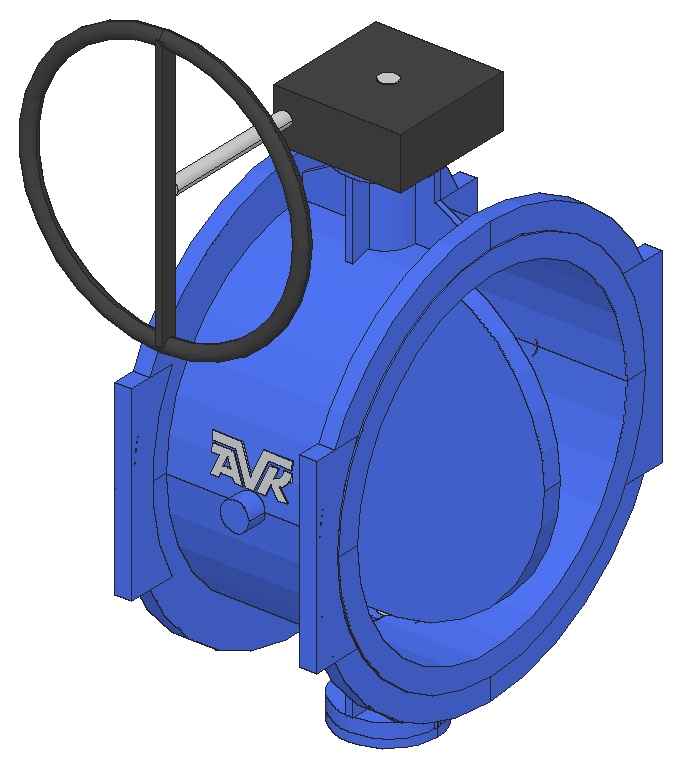
Revit family "756-100-672-DN700-2800", category Pipe Accessories, Revit 2019
Family settings
  Round Connector Dimension = Use Diameter
  Part Type = Valve - Breaks Into
  Work Plane-Based = No
  Always vertical = Yes
  Cut with Voids When Loaded = No
  Shared = No
Parameters (values of type "DN0700_PN10")
  W5 = size_lookup(Search_table, "W5", 0 mm, DN)  # 457 mm
  W4 = size_lookup(Search_table, "W4", 0 mm, DN)  # 543 mm
  W3 = size_lookup(Search_table, "W3", 0 mm, DN)  # 533 mm
  W2 = size_lookup(Search_table, "W2", 0 mm, DN)  # 641 mm
  W1 = size_lookup(Search_table, "W1", 0 mm, DN)  # 448 mm
  URL_product_pages = "https://www.avkvalves.com/P.aspx?no=756070010400009"
  Rib_width_2 = Gear_box_Mount_Flange_width * 2  # 204 mm
  Rib_width = L - (Flange_Thickness * 2)  # 350 mm
  Rib_height_2 = H1 - Flange_OD  # 84.5 mm
  Rib_depth = if(DN > 149 mm, 15 mm, if(DN > 299 mm, 15 mm, if(DN > 399 mm, 20 mm, 20 mm)))  # 15 mm
  Rib_height = Flange_OD / 1.1  # 406.818 mm
  Rf_Dia = size_lookup(Search_table, "RF_Dia", 0 mm, DN) / 2  # 397 mm
  RF_Cut_Thickness = 5 mm  # constant formula
  Pin_width = L / 2  # 215 mm
  Pin_dia = HW_rod_Dia * 2  # 60 mm
  Pin_Depth = (DN + size_lookup(Search_table, "Flange_OD", 0 mm, DN)) / 2  # 797.5 mm
  Offset = size_lookup(Search_table, "Offset", 0 mm, DN)  # 3 mm
  L2 = size_lookup(Search_table, "L2", 0 mm, DN)  # 133 mm
  L1 = size_lookup(Search_table, "L1", 0 mm, DN)  # 127 mm
  L = size_lookup(Search_table, "L", 0 mm, DN)  # 430 mm
  ID (Radius) = DN / 2  # 350 mm
  Hand_wheel_rod = size_lookup(Search_table, "Hand_wheel_rod", 0 mm, DN)  # 33 mm
  HW_rod_Dia = size_lookup(Search_table, "HW_rod_Dia", 0 mm, DN)  # 30 mm
  HW_height = W5 - (HW_rod_Dia / 2)  # 442 mm
  HW_Ref = size_lookup(Search_table, "HW_Ref", 0 mm, DN)  # 110 mm
  HW_Connecting_Rib_ref = (H1 + W2) / 2  # 586.5 mm
  HW_Connecting_Rib = D * 2  # 570 mm
  H2 = size_lookup(Search_table, "H2", 0 mm, DN)  # 550 mm
  H1 = size_lookup(Search_table, "H1", 0 mm, DN)  # 532 mm
  Gear_box_width = Gear_box_Mount_Flange_width * 1.3  # 132.6 mm
  Flange_Thickness = size_lookup(Search_table, "Flange_Thickness", 0 mm, DN)  # 40 mm
  Flange_OD = size_lookup(Search_table, "Flange_OD", 0 mm, DN) / 2  # 447.5 mm
  Disc_width = if(DN > 2499 mm, 100 mm, if(DN > 2299 mm, 90 mm, if(DN > 1999 mm, 80 mm, if(DN > 1599 mm, 70 mm, if(DN > 1399 mm, 60 mm, if(DN > 999 mm, 50 mm, if(DN > 699 mm, 40 mm, 40 mm)))))))  # 40 mm
  Disc_Dia = size_lookup(Search_table, "Disc_Dia", 0 mm, DN)  # 689 mm
  DN2800_PN10 = "756-2800-1-0400009"
  DN2800 = yes
  DN2600_PN16 = "756-2600-1-1400009"
  DN2600_PN10 = "756-2600-1-0400009"
  DN2600 = yes
  DN2400_PN16 = "756-2400-1-1400009"
  DN2400_PN10 = "756-2400-1-0400009"
  DN2400 = yes
  DN2200_PN16 = "756-2200-1-1400009"
  DN2200_PN10 = "756-2200-1-0400009"
  DN2200 = yes
  DN2000_PN16 = "756-2000-1-1400009"
  DN2000_PN10 = "756-2000-1-0400009"
  DN2000 = yes
  DN0700_PN16 = "756-0700-1-1400009"
  DN = 700 mm
  Search_table = "756-100-672-DN700-2800"
  Disk_2 = size_lookup(Search_table, "Disk_2", 0 mm, DN)  # 40 mm
  Disk_1 = size_lookup(Search_table, "Disk_1", 0 mm, DN)  # 40 mm
  Description_ = "AVK DOUBLE ECC. BUTTERFLY VALVE, LONG"
  DN1600_PN16 = "756-1600-1-1400009"
  DN1600_PN10 = "756-1600-1-0400009"
  DN1800 = yes
  DN1800_PN16 = "756-1800-1-1400009"
  DN1800_PN10 = "756-1800-1-0400009"
  DN1600 = yes
  DN1500_PN16 = "756-1500-1-1400009"
  DN1500_PN10 = "756-1500-1-0400009"
  DN1500 = yes
  DN1400_PN16 = "756-1400-1-1400009"
  DN1400_PN10 = "756-1400-1-0400009"
  DN1400 = yes
  DN1200_PN16 = "756-1200-1-1400009"
  DN1200_PN10 = "756-1200-1-0400009"
  DN1200 = yes
  DN1000_PN16 = "756-1000-1-1400009"
  DN1000_PN10 = "756-1000-1-0400009"
  DN1000 = yes
  DN0900_PN16 = "756-0900-1-1400009"
  DN0900_PN10 = "756-0900-1-0400009"
  DN900 = yes
  DN0800_PN16 = "756-0800-1-1400009"
  DN0800_PN10 = "756-0800-1-0400009"
  DN800 = yes
  DN0700_PN10 = "756-0700-1-0400009"
  DN700 = yes
  D = size_lookup(Search_table, "D", 0 mm, DN) / 2 - (HW_rod_Dia / 2)  # 285 mm
  C_rod = if(DN > 2499 mm, 99 mm, if(DN > 2299 mm, 89 mm, if(DN > 1999 mm, 79 mm, if(DN > 1599 mm, 69 mm, if(DN > 1399 mm, 59 mm, if(DN > 999 mm, 49 mm, if(DN > 699 mm, 39 mm, 39 mm)))))))  # 39 mm
  Bottom_width = size_lookup(Search_table, "Bottom_width", 0 mm, DN)  # 395 mm
  Bottom_Depth = DN * 1.5  # 1050 mm
  Gear_box_Mount_width = size_lookup(Search_table, "Gear_box_Mount_width", 0 mm, DN) * 2  # 62 mm
  Gear_box_Mount_Flange_width = size_lookup(Search_table, "Gear_box_Mount_Flange_width", 0 mm, DN) / 2  # 102 mm
  Gear_box_Mount_Flange_thickness = size_lookup(Search_table, "Gear_box_Mount_Flange_thickness", 0 mm, DN)  # 30 mm
  Body_wallthickness = 10 mm  # constant formula
Types (28, lengths in mm): name | W5 | W4 | W3 | W2 | W1 | Rib_width_2 | Rib_width | Rib_height_2 | Rib_height | Rf_Dia | Pin_width | Pin_Depth | L2 | L1 | L | ID (Radius) | Hand_wheel_rod | HW_height | HW_Ref | HW_Connecting_Rib_ref | HW_Connecting_Rib | H2 | H1 | Gear_box_width | Flange_Thickness | Flange_OD | Disc_width | Disc_Dia | DN | Disk_2 | Disk_1 | DN0900_PN16 | D | C_rod | Bottom_width | Bottom_Depth | Gear_box_Mount_width | Gear_box_Mount_Flange_width | Gear_box_Mount_Flange_thickness
  (no name) | 457 | 543 | 533 | 641 | 448 | 204 | 350 | 84.5 | 406.818 | 397 | 215 | 797.5 | 133 | 127 | 430 | 350 | 33 | 442 | 110 | 586.5 | 570 | 550 | 532 | 132.6 | 40 | 447.5 | 40 | 689 | 700 | 40 | 40 | "756-0900-1-1400009" | 285 | 39 | 395 | 1050 | 62 | 102 | 30
  DN0700_PN10 | 457 | 543 | 533 | 641 | 448 | 204 | 350 | 84.5 | 406.818 | 397 | 215 | 797.5 | 133 | 127 | 430 | 350 | 33 | 442 | 110 | 586.5 | 570 | 550 | 532 | 132.6 | 40 | 447.5 | 40 | 689 | 700 | 40 | 40 | "756-0900-1-1400009" | 285 | 39 | 395 | 1050 | 62 | 102 | 30
  DN0700_PN16 | 517 | 543 | 533 | 641 | 455 | 214 | 350 | 77 | 413.636 | 397 | 215 | 805.05 | 133 | 127 | 430 | 350.05 | 34.5 | 502 | 110 | 586.5 | 670 | 550 | 532 | 139.1 | 40 | 455 | 40 | 689 | 700.1 | 40 | 40 | "756-0900-1-1400009" | 335 | 39 | 427 | 1050.15 | 66 | 107 | 30
  DN0800_PN10 | 457 | 636 | 627 | 711 | 508 | 223 | 390 | 95.5 | 461.364 | 450 | 235 | 907.5 | 162 | 156 | 470 | 400 | 36 | 442 | 125 | 657 | 570 | 620 | 603 | 144.95 | 40 | 507.5 | 40 | 787.5 | 800 | 40 | 40 | "756-0900-1-1400009" | 285 | 39 | 460 | 1200 | 68 | 111.5 | 40
  DN0800_PN16 | 517 | 636 | 627 | 711 | 513 | 232 | 390 | 90.5 | 465.909 | 450 | 235 | 912.55 | 162 | 156 | 470 | 400.05 | 37.5 | 502 | 125 | 657 | 670 | 620 | 603 | 150.8 | 40 | 512.5 | 40 | 787.5 | 800.1 | 40 | 40 | "756-0900-1-1400009" | 335 | 39 | 492 | 1200.15 | 72 | 116 | 40
  DN0900_PN10 | 517 | 730 | 722 | 791 | 558 | 241 | 430 | 116.5 | 506.818 | 500 | 255 | 1007.5 | 192 | 186 | 510 | 450 | 39 | 502 | 128 | 732.5 | 670 | 690 | 674 | 156.65 | 40 | 557.5 | 40 | 887.5 | 900 | 40 | 40 | "756-0900-1-1400009" | 335 | 39 | 524 | 1350 | 74 | 120.5 | 40
  DN0900_PN16 | 570 | 730 | 722 | 791 | 563 | 250 | 430 | 111.5 | 511.364 | 500 | 255 | 1012.55 | 192 | 186 | 510 | 450.05 | 40.5 | 555 | 128 | 732.5 | 670 | 690 | 674 | 162.5 | 40 | 562.5 | 40 | 887.5 | 900.1 | 40 | 40 | "756-0900-1-1400009" | 335 | 39 | 556 | 1350.15 | 76 | 125 | 40
  DN1000_PN10 | 530 | 824 | 816 | 871 | 615 | 259 | 470 | 130 | 559.091 | 556 | 275 | 1115 | 222 | 216 | 550 | 500 | 42 | 515 | 130 | 808 | 670 | 770 | 745 | 168.35 | 40 | 615 | 50 | 987 | 1000 | 40 | 40 | "756-0900-1-1400009" | 335 | 49 | 588 | 1500 | 80 | 129.5 | 40
  DN1000_PN16 | 570 | 824 | 816 | 871 | 628 | 268 | 470 | 117.5 | 570.455 | 556 | 275 | 1127.55 | 222 | 216 | 550 | 500.05 | 43.5 | 555 | 130 | 808 | 570 | 770 | 745 | 174.2 | 40 | 627.5 | 50 | 987 | 1000.1 | 50 | 50 | "756-0900-1-1400009" | 285 | 49 | 620 | 1500.15 | 82 | 134 | 40
  DN1200_PN10 | 570 | 993 | 986 | 956 | 728 | 277 | 550 | 112.5 | 661.364 | 666 | 315 | 1327.5 | 275 | 269 | 630 | 600 | 45 | 555 | 128 | 898 | 570 | 855 | 840 | 180.05 | 40 | 727.5 | 50 | 1173.5 | 1200 | 50 | 50 | "756-0900-1-1400009" | 285 | 49 | 653 | 1800 | 84 | 138.5 | 40
  DN1200_PN16 | 590.5 | 993 | 986 | 956 | 743 | 286 | 530 | 97.5 | 675 | 666 | 315 | 1342.55 | 275 | 269 | 630 | 600.05 | 46.5 | 575.5 | 128 | 898 | 670 | 855 | 840 | 185.9 | 50 | 742.5 | 50 | 1173.5 | 1200.1 | 50 | 50 | "756-0900-1-1400009" | 335 | 49 | 685 | 1800.15 | 88 | 143 | 40
  DN1400_PN10 | 570 | 1189 | 1182 | 1071 | 838 | 295 | 610 | 82.5 | 761.364 | 763 | 355 | 1537.5 | 339 | 333 | 710 | 700 | 48 | 555 | 150 | 995.5 | 670 | 970 | 920 | 191.75 | 50 | 837.5 | 60 | 1381 | 1400 | 50 | 50 | "756-0800-1-1400009" | 335 | 59 | 717 | 2100 | 90 | 147.5 | 40
  DN1400_PN16 | 590.5 | 1189 | 1182 | 1119 | 843 | 304 | 610 | 77.5 | 765.909 | 763 | 355 | 1542.55 | 339 | 333 | 710 | 700.05 | 49.5 | 575.5 | 150 | 1019.5 | 670 | 970 | 920 | 197.6 | 50 | 842.5 | 60 | 1381 | 1400.1 | 50 | 50 | "756-0900-1-1400009" | 335 | 59 | 749 | 2100.15 | 94 | 152 | 40
  DN1500_PN10 | 570 | 1281 | 1274 | 1219 | 913 | 313 | 650 | 107.5 | 811.364 | 818 | 375 | 1642.5 | 369 | 363 | 750 | 750 | 51 | 555 | 175 | 1109.5 | 670 | 1070 | 1000 | 203.45 | 50 | 892.5 | 60 | 1481 | 1500 | 50 | 50 | "756-0900-1-1400009" | 335 | 59 | 781 | 2250 | 96 | 156.5 | 40
  DN1500_PN16 | 590.5 | 1281 | 1274 | 1219 | 913 | 323 | 650 | 90 | 827.273 | 818 | 375 | 1660.05 | 369 | 363 | 750 | 750.05 | 52.5 | 575.5 | 175 | 1109.5 | 670 | 1070 | 1000 | 209.95 | 50 | 910 | 60 | 1481 | 1500.1 | 50 | 50 | "756-0900-1-1400009" | 335 | 59 | 813 | 2250.15 | 98 | 161.5 | 50
  DN1600_PN16 | 630.5 | 1366 | 1359 | 1294 | 965 | 341 | 670 | 125 | 877.273 | 875 | 395 | 1765.05 | 396 | 390 | 790 | 800.05 | 55.5 | 615.5 | 181 | 1192 | 670 | 1145 | 1090 | 221.65 | 60 | 965 | 70 | 1575 | 1600.1 | 50 | 50 | "756-0900-1-1400009" | 335 | 69 | 878 | 2400.15 | 104 | 170.5 | 50
  DN1600_PN10 | 590.5 | 1366 | 1359 | 1294 | 958 | 332 | 690 | 132.5 | 870.455 | 875 | 395 | 1757.5 | 396 | 390 | 790 | 800 | 54 | 575.5 | 181 | 1192 | 670 | 1145 | 1090 | 215.8 | 50 | 957.5 | 70 | 1575 | 1600 | 50 | 50 | "756-0900-1-1400009" | 335 | 69 | 846 | 2400 | 102 | 166 | 50
  DN1800_PN16 | 734 | 1547 | 1540 | 1398 | 1065 | 359 | 750 | 115 | 968.182 | 973 | 435 | 1965.05 | 454 | 448 | 870 | 900.05 | 58.5 | 719 | 170 | 1289 | 570 | 1220 | 1180 | 233.35 | 60 | 1065 | 70 | 1771 | 1800.1 | 50 | 50 | "756-0900-1-1400009" | 285 | 69 | 942 | 2700.15 | 110 | 179.5 | 50
  DN1800_PN10 | 734 | 1547 | 1540 | 1369 | 1058 | 350 | 750 | 122.5 | 961.364 | 973 | 435 | 1957.5 | 454 | 448 | 870 | 900 | 57 | 719 | 170 | 1274.5 | 570 | 1220 | 1180 | 227.5 | 60 | 1057.5 | 70 | 1771 | 1800 | 50 | 50 | "756-0900-1-1400009" | 285 | 69 | 910 | 2700 | 106 | 175 | 50
  DN2000_PN10 | 734 | 1760 | 1753 | 1547 | 1180 | 368 | 830 | 167.5 | 1056.818 | 1114 | 475 | 2162.5 | 527 | 521 | 950 | 1000 | 60 | 719 | 191 | 1438.5 | 570 | 1382 | 1330 | 239.2 | 60 | 1162.5 | 80 | 1997 | 2000 | 50 | 50 | "756-0900-1-1400009" | 285 | 79 | 974 | 3000 | 112 | 184 | 50
  DN2000_PN16 | 734 | 1760 | 1753 | 1560 | 1180 | 377 | 830 | 157.5 | 1065.909 | 1114 | 475 | 2172.55 | 527 | 521 | 950 | 1000.05 | 61.5 | 719 | 191 | 1445 | 570 | 1382 | 1330 | 245.05 | 60 | 1172.5 | 80 | 1997 | 2000.1 | 50 | 50 | "756-0900-1-1400009" | 285 | 79 | 1006 | 3000.15 | 116 | 188.5 | 50
  DN2200_PN16 | 784 | 1932 | 1926 | 1641 | 1278 | 395 | 910 | 132.5 | 1161.364 | 1180 | 515 | 2377.55 | 582 | 576 | 1030 | 1100.05 | 64.5 | 769 | 170 | 1525.5 | 470 | 1482 | 1410 | 256.75 | 60 | 1277.5 | 80 | 2187 | 2200.1 | 60 | 60 | "756-0900-1-1400009" | 235 | 79 | 1000 | 3300.15 | 120 | 197.5 | 50
  DN2200_PN10 | 784 | 1932 | 1926 | 1650 | 1275 | 386 | 910 | 135 | 1159.091 | 1180 | 515 | 2375 | 582 | 576 | 1030 | 1100 | 63 | 769 | 170 | 1530 | 470 | 1472 | 1410 | 250.9 | 60 | 1275 | 80 | 2187 | 2200 | 50 | 50 | "756-0900-1-1400009" | 235 | 79 | 1000 | 3300 | 118 | 193 | 50
  DN2600_PN16 | 780 | 2295 | 2289 | 2050 | 1535 | 432 | 1050 | 216 | 1385.455 | 1415 | 595 | 2824.05 | 699 | 693 | 1190 | 1300.05 | 70.5 | 765 | 214 | 1895 | 370 | 1855 | 1740 | 280.8 | 70 | 1524 | 100 | 2582.4 | 2600.1 | 60 | 60 | "756-0900-1-1400009" | 185 | 99 | 1199 | 3900.15 | 132 | 216 | 50
  DN2600_PN10 | 780 | 2295 | 2289 | 2010 | 1490 | 422 | 1050 | 260 | 1345.455 | 1415 | 595 | 2780 | 699 | 693 | 1190 | 1300 | 69 | 765 | 214 | 1875 | 370 | 1820 | 1740 | 274.3 | 70 | 1480 | 100 | 2582.4 | 2600 | 60 | 60 | "756-0900-1-1400009" | 185 | 99 | 1167 | 3900 | 128 | 211 | 50
  DN2400_PN10 | 810 | 2019 | 2103 | 1759 | 1380 | 404 | 970 | 190 | 1254.545 | 1272.5 | 555 | 2580 | 639 | 633 | 1110 | 1200 | 66 | 795 | 168 | 1664.5 | 570 | 1613 | 1570 | 262.6 | 70 | 1380 | 90 | 2381.4 | 2400 | 60 | 60 | "756-0900-1-1400009" | 285 | 89 | 1103 | 3600 | 124 | 202 | 50
  DN2400_PN16 | 810 | 2132 | 2126 | 1753 | 1382 | 413 | 970 | 187.5 | 1256.818 | 1272.5 | 555 | 2582.55 | 682 | 676 | 1110 | 1200.05 | 67.5 | 795 | 168 | 1661.5 | 570 | 1584 | 1570 | 268.45 | 70 | 1382.5 | 90 | 2381.3 | 2400.1 | 60 | 60 | "756-0900-1-1400009" | 285 | 89 | 1135 | 3600.15 | 126 | 206.5 | 50
  DN2800_PN10 | 825 | 2442 | 2441 | 2140 | 1600 | 441 | 1130 | 230 | 1445.455 | 1500 | 635 | 2990 | 739 | 738 | 1270 | 1400 | 72 | 810 | 240 | 1980 | 570 | 1921 | 1820 | 286.65 | 70 | 1590 | 100 | 2752.2 | 2800 | 60 | 60 | "756-0900-1-1400009" | 285 | 99 | 1232 | 4200 | 134 | 220.5 | 50
Reference planes
  plane 1 "Center (Front/Back)": y = 0
  plane 2: z = 0
  plane 3 "Center (Left/Right)": x = 0
  plane 4: y = 350
  plane 5: y = 360
  plane 6: x = 215
  plane 7: x = 175
  plane 8: x = -175
  plane 9: x = -215
  plane 10: z = 532
  plane 11: x = 102
  plane 12: z = 502
  plane 13: z = -532
  plane 14: x = 102
  plane 15: z = -502
  plane 16: x = 62
  plane 17: x = 102
  plane 18: x = -102
  plane 19: z = 532
  plane 20: z = 447.5
  plane 21: z = 350
  plane 22: x = 175
  plane 23: x = -175
  plane 24: z = 406.818
  plane 25: y = 7.5
  plane 26: y = -7.5
  plane 27: x = 102
  plane 28: x = -102
  plane 29: z = -532
  plane 30: z = -447.5
  plane 31: z = -350
  plane 32: x = 175
  plane 33: x = -175
  plane 34: z = -406.818
  plane 35: y = 102
  plane 36: y = -102
  plane 37: x = -7.5
  plane 38: x = 7.5
  plane 39: y = 132.6
  plane 40: y = -132.6
  plane 41: y = -457
  plane 42: y = -427
  plane 43: z = -550
  plane 44: z = 641
  plane 45: x = 62
  plane 46: y = 350
  plane 47: y = -350
  plane 48: y = 398.75
  plane 49: y = -398.75
  plane 50: x = -110
  plane 51: z = 586.5
  plane 52: x = -196.6
  plane 53: x = -403
  plane 54: y = 132.6
  plane 55: y = -132.6
  plane 56: x = -110
  plane 57: z = 197.5
  plane 58: z = -197.5
  plane 59: y = 448
  plane 60: z = -197.5
  plane 61: z = 197.5
  plane 62: y = -448
  plane 63: y = 20
  plane 64: y = -20
  plane 65: z = 1144.375
  plane 66: z = -1144.375
  plane 67: z = 1147.49
  plane 68: z = -1147.49
Forms (mm)
  Revolve 1, solid, material "Plastic"
    sketch origin (0, 0, 0) x (1, 0, 0) y (0, 1, 0)
      loop
        line (-175, 360) -> (-175, 447.5) -> (-215, 447.5) -> (-215, 350) -> (215, 350) -> (215, 447.5) -> (175, 447.5) -> (175, 360) -> (-175, 360)
      axis (-215, 0) -> (215, 0)
    angle from 0 to 360
  Revolve 2, solid, material "Plastic"
    sketch origin (0, 0, 0) x (1, 0, 0) y (0, 0, 1)
      loop
        line (62, 502) -> (102, 502) -> (102, 532) -> (0, 532) -> (0, 350) -> (62, 350) -> (62, 502)
      axis (0, 532) -> (0, 350)
    angle from 0 to 360
  Revolve 3, solid, material "Plastic"
    sketch origin (0, 0, 0) x (1, 0, 0) y (0, 0, -1)
      loop
        line (62, 350) -> (62, 502) -> (102, 502) -> (102, 532) -> (0, 532) -> (0, 350) -> (62, 350)
      axis (0, 532) -> (0, 350)
    angle from 0 to 360
  Revolve 4, solid, material "Plastic"
    sketch origin (0, 0, 0) x (1, 0, 0) y (0, 0, 1)
      loop
        line (0, -532) -> (0, -550) -> (102, -550) -> (102, -532) -> (0, -532)
      axis (0, -550) -> (0, -532)
    angle from 0 to 360
  Extrusion 5, solid, material "Plastic"
    sketch origin (0, 0, 0) x (1, 0, 0) y (0, 0, 1)
      loop
        line (102, 532) -> (-102, 532) -> (-102, 447.5) -> (-175, 406.818) -> (-175, 350) -> (175, 350) -> (175, 406.818) -> (102, 447.5) -> (102, 532)
    from -7.5 to 7.5
  Extrusion 6, solid, material "Plastic"
    sketch origin (0, 0, 0) x (1, 0, 0) y (0, 0, 1)
      loop
        line (102, -532) -> (102, -447.5) -> (175, -406.818) -> (175, -350) -> (-175, -350) -> (-175, -406.818) -> (-102, -447.5) -> (-102, -532) -> (102, -532)
    from -7.5 to 7.5
  Extrusion 7, solid, material "Plastic"
    sketch origin (0, 0, 0) x (0, 1, 0) y (0, 0, 1)
      loop
        line (102, 502) -> (-102, 502) -> (-102, -502) -> (102, -502) -> (102, 502)
    from -7.5 to 7.5
  Extrusion 8, void
    sketch origin (0, 0, 0) x (0, 1, 0) y (0, 0, 1)
      loop
        circle (0, 0) r 350
    from -215 to 215
  Extrusion 9, solid, material "Plastic"
    sketch origin (0, 0, 0) x (1, 0, 0) y (0, 0, 1)
      loop
        circle (0, 0) r 30
    from -398.75 to -350
  Extrusion 10, solid, material "Plastic"
    sketch origin (0, 0, 0) x (1, 0, 0) y (0, 0, 1)
      loop
        circle (0, 0) r 30
    from 398.75 to 350
  Revolve 11, void
    sketch origin (0, 0, 0) x (1, 0, 0) y (0, 0, 1)
      loop
        line (215, 550) -> (210, 550) -> (210, 397) -> (215, 397) -> (215, 550)
      loop
        line (-215, 550) -> (-215, 397) -> (-210, 397) -> (-210, 550) -> (-215, 550)
      axis (-215, 0) -> (215, 0)
    angle from 0 to 360
  Extrusion 12, solid, material "Stainless Steel AISI 304"
    sketch origin (0, 0, 0) x (1, 0, 0) y (0, 0, 1)
      loop
        line (-132.6, 641) -> (-132.6, 532) -> (132.6, 532) -> (132.6, 641) -> (-132.6, 641)
    from -132.6 to 132.6
  Extrusion 13, solid, material "Stainless Steel AISI 304(1)"
    sketch origin (0, 0, 0) x (1, 0, 0) y (0, 0, 1)
      loop
        circle (-110, 586.5) r 15
    from 0 to 427
  Revolve 14, solid, material "Stainless Steel AISI 304"
    sketch origin (-110, -1524, 1534) x (0, 0, 1) y (0, -1, 0)
      loop
        circle (-662.5, -1082) r 15
      axis (-947.5, -1082) -> (-947.5, -1081)
    angle from 0 to 360
  Extrusion 15, solid, material "Stainless Steel AISI 304"
    sketch origin (0, 0, 0) x (1, 0, 0) y (0, 0, 1)
      loop
        line (-117.5, 871.5) -> (-117.5, 301.5) -> (-102.5, 301.5) -> (-102.5, 871.5) -> (-117.5, 871.5)
    from 427 to 457
  Extrusion 16, solid, material "Plastic"
    sketch origin (-110, -1524, 1534) x (0, 0, 1) y (0, -1, 0)
      loop
        line (-1336.5, -1179.613) -> (-1336.5, -1076) -> (-1731.5, -1076) -> (-1731.5, -1179.613)
        arc (-1731.5, -1179.613) -> (-1534, -1127) -> (-1336.5, -1179.613) r 397
      loop
        arc (-1336.5, -1868.387) -> (-1534, -1921) -> (-1731.5, -1868.387) r 397
        line (-1731.5, -1868.387) -> (-1731.5, -1972) -> (-1336.5, -1972) -> (-1336.5, -1868.387)
    from 285 to 320
  Extrusion 17, solid, material "Plastic"
    sketch origin (-110, -1524, 1534) x (0, 0, 1) y (0, -1, 0)
      loop
        line (-1731.5, -1972) -> (-1336.5, -1972) -> (-1336.5, -1868.387)
        arc (-1336.5, -1868.387) -> (-1534, -1921) -> (-1731.5, -1868.387) r 397
        line (-1731.5, -1868.387) -> (-1731.5, -1972)
      loop
        line (-1336.5, -1179.613) -> (-1336.5, -1076) -> (-1731.5, -1076) -> (-1731.5, -1179.613)
        arc (-1731.5, -1179.613) -> (-1534, -1127) -> (-1336.5, -1179.613) r 397
    from -100 to -65
  Extrusion 18, solid, material "Plastic"
    sketch origin (0, 0, 0) x (1, 0, 0) y (0, 0, 1)
      loop
        circle (-3, 0) r 344.5
    from -20 to 20
  Extrusion 19, solid
    sketch origin (0, 0, 0) x (1, 0, 0) y (0, 1, 0)
      loop
        circle (0, 0) r 19.5
    from -550 to 641
Cuts and joins
  Extrusion 8, Revolve 11 cuts Revolve 1
  Extrusion 8 cuts Extrusion 7
Dimensions and locks
  equal spacing: plane 9, plane 3 "Center (Left/Right)", plane 6
  "L": plane 9 to plane 6
  "ID (Radius)": plane 4 to plane 1 "Center (Front/Back)"
  "Body_wallthickness": plane 5 to plane 4
  "Flange_Thickness": plane 7 to plane 6
  "Flange_Thickness": plane 9 to plane 8
  "Flange_OD": plane 1 "Center (Front/Back)" to Revolve 1 sketch curve
  "H1": plane 10 to level
  "Gear_box_Mount_Flange_thickness": plane 10 to plane 12
  "ID (Radius)": Revolve 2 sketch curve to level
  "Gear_box_Mount_Flange_width": plane 3 "Center (Left/Right)" to plane 11
  "Gear_box_Mount_Flange_thickness": plane 13 to plane 15
  "H1": level to plane 13
  "ID (Radius)": level to Revolve 3 sketch curve
  "Gear_box_Mount_Flange_width": Revolve 4 sketch curve to Revolve 4 sketch curve
  "ID (Radius)": plane 21 to level
  "H1": plane 19 to level
  "Gear_box_Mount_Flange_width": plane 3 "Center (Left/Right)" to plane 17
  "Gear_box_Mount_Flange_width": plane 18 to plane 3 "Center (Left/Right)"
  "Rib_height": plane 24 to level
  equal spacing: plane 25, plane 1 "Center (Front/Back)", plane 26
  "Rib_depth": plane 25 to plane 26
  equal spacing: plane 22, plane 3 "Center (Left/Right)", plane 23
  "Rib_width": plane 22 to plane 23
  "Rib_height_2": plane 19 to plane 20
  "Rib_height_2": plane 29 to plane 30
  "Rib_height": level to plane 34
  "Gear_box_Mount_Flange_width": plane 28 to plane 3 "Center (Left/Right)"
  "Gear_box_Mount_Flange_width": plane 3 "Center (Left/Right)" to plane 27
  "ID (Radius)": level to plane 31
  "H1": level to plane 29
  equal spacing: plane 32, plane 3 "Center (Left/Right)", plane 33
  "Rib_width": plane 32 to plane 33
  equal spacing: plane 35, plane 1 "Center (Front/Back)", plane 36
  equal spacing: plane 37, plane 3 "Center (Left/Right)", plane 38
  "Rib_depth": plane 37 to plane 38
  equal spacing: plane 39, plane 1 "Center (Front/Back)", plane 40
  "Rib_width_2": plane 35 to plane 36
  "Gear_box_width": plane 1 "Center (Front/Back)" to plane 40
  "W5": plane 1 "Center (Front/Back)" to plane 41
  "H2": level to Revolve 4 sketch curve
  "HW_rod_Dia": plane 42 to plane 41
  "W2": plane 44 to level
  "Gear_box_Mount_width": plane 45 to plane 3 "Center (Left/Right)"
  "Gear_box_Mount_width": plane 3 "Center (Left/Right)" to plane 16
  "Gear_box_Mount_Flange_width": plane 3 "Center (Left/Right)" to plane 14
  "H2": Extrusion 9 sketch curve to Revolve 4
  equal spacing: plane 46, plane 1 "Center (Front/Back)", plane 47
  "DN": plane 46 to plane 47
  equal spacing: plane 48, plane 1 "Center (Front/Back)", plane 49
  "Pin_Depth": plane 48 to plane 49
  "Rf_Dia": Revolve 11 sketch curve to level
  "RF_Cut_Thickness": Revolve 11 sketch curve to Revolve 11 sketch curve  (x2)
  "H2": Revolve 11 sketch curve to level
  "HW_Ref": plane 3 "Center (Left/Right)" to plane 50
  "HW_Connecting_Rib_ref": plane 51 to level
  plane 3 "Center (Left/Right)" to plane 53 = 403 mm
  cut or joined group of Revolve 1, Extrusion 8, Revolve 11 to cut or joined group of Revolve 1, Extrusion 8, Revolve 11 = 430 mm
  equal spacing: Extrusion 12 sketch curve, plane 3 "Center (Left/Right)", Extrusion 12 sketch curve
  "Gear_box_width": Extrusion 12 sketch curve to plane 3 "Center (Left/Right)"
  equal spacing: plane 54, plane 1 "Center (Front/Back)", plane 55
  "Gear_box_width": plane 1 "Center (Front/Back)" to plane 55
  "HW_Ref": plane 3 "Center (Left/Right)" to plane 56
  "HW_Ref": plane 3 "Center (Left/Right)" to Extrusion 13 sketch curve
  "HW_height": plane 1 "Center (Front/Back)" to Revolve 14 sketch curve
  plane 51 to Extrusion 12 = 54.5 mm
  "D": Revolve 14 sketch curve to Revolve 14 sketch curve
  equal spacing: Extrusion 15 sketch curve, plane 50, Extrusion 15 sketch curve
  "Rib_depth": Extrusion 15 sketch curve to Extrusion 15 sketch curve
  "HW_Connecting_Rib_ref": Extrusion 13 sketch curve to level
  equal spacing: Extrusion 15 sketch curve, plane 51, Extrusion 15 sketch curve
  "HW_Connecting_Rib": Extrusion 15 sketch curve to Extrusion 15 sketch curve
  "HW_Connecting_Rib_ref": Revolve 14 sketch curve to level
  equal spacing: plane 61, level, plane 60
  equal spacing: plane 57, level, plane 58
  "Bottom_width": plane 61 to plane 60
  "Bottom_width": plane 57 to plane 58
  "W1": plane 1 "Center (Front/Back)" to plane 62
  "W1": plane 59 to plane 1 "Center (Front/Back)"
  "Offset": plane 3 "Center (Left/Right)" to Extrusion 18 sketch curve
  equal spacing: plane 63, plane 1 "Center (Front/Back)", plane 64
  "Disc_width": plane 63 to plane 64
  equal spacing: plane 47, Extrusion 19 sketch curve, plane 46
  equal spacing: cut or joined group of Revolve 1, Extrusion 8, Revolve 11, Extrusion 19 sketch curve, cut or joined group of Revolve 1, Extrusion 8, Revolve 11
  Extrusion 18 to cut or joined group of Revolve 1, Extrusion 8, Revolve 11 = 132.5 mm
  cut or joined group of Revolve 1, Extrusion 8, Revolve 11 to Extrusion 18 = 126.5 mm
  "W1": plane 1 "Center (Front/Back)" to Extrusion 17
  "H2": level to plane 43
  plane 67 to plane 68 = 2294.98 mm
  plane 65 to plane 66 = 2288.749 mm
  "Pin_dia": diameter of Extrusion 9 sketch curve
  "HW_rod_Dia": diameter of Revolve 14 sketch curve
  "HW_rod_Dia": diameter of Extrusion 13 sketch curve
  "Disc_Dia": diameter of Extrusion 18 sketch curve
  "C_rod": diameter of Extrusion 19 sketch curve
  aligned and locked: level to plane 2
  aligned and locked: Revolve 1 sketch curve to plane 4
  aligned and locked: plane 5 to Revolve 1 sketch curve
  aligned and locked: Revolve 1 sketch curve to plane 6
  aligned and locked: Revolve 1 sketch curve to plane 7
  aligned and locked: Revolve 1 sketch curve to plane 8
  aligned and locked: Revolve 1 sketch curve to plane 9
  aligned and locked: Revolve 1 sketch curve to Revolve 1 sketch curve
  aligned and locked: plane 1 "Center (Front/Back)" to Revolve 1 sketch curve
  aligned and locked: Revolve 2 sketch curve to Revolve 2 sketch curve
  aligned and locked: plane 10 to Revolve 2 sketch curve
  aligned and locked: Revolve 2 sketch curve to plane 11  (x2)
  aligned and locked: plane 12 to Revolve 2 sketch curve
  aligned and locked: Revolve 2 sketch curve to plane 3 "Center (Left/Right)"
  aligned and locked: Revolve 3 sketch curve to plane 14
  aligned and locked: plane 13 to Revolve 3 sketch curve
  aligned and locked: Revolve 4 sketch curve to Revolve 3
  aligned and locked: Revolve 4 sketch curve to plane 3 "Center (Left/Right)"  (x2)
  aligned and locked: Extrusion 5 sketch curve to plane 17  (x2)
  aligned and locked: Extrusion 5 sketch curve to plane 19
  aligned and locked: Extrusion 5 sketch curve to plane 18  (x2)
  aligned and locked: plane 19 to Extrusion 5 sketch curve
  aligned and locked: Extrusion 5 sketch curve to plane 20
  aligned and locked: plane 20 to Extrusion 5 sketch curve
  aligned and locked: Extrusion 5 sketch curve to plane 24
  aligned and locked: plane 22 to Extrusion 5 sketch curve  (x2)
  aligned and locked: plane 24 to Extrusion 5 sketch curve
  aligned and locked: plane 23 to Extrusion 5 sketch curve  (x2)
  aligned and locked: plane 21 to Extrusion 5 sketch curve
  aligned and locked: Extrusion 5 to plane 25
  aligned and locked: Extrusion 5 to plane 26
  aligned and locked: Extrusion 6 sketch curve to plane 27  (x2)
  aligned and locked: plane 32 to Extrusion 6 sketch curve  (x2)
  aligned and locked: plane 33 to Extrusion 6 sketch curve  (x2)
  aligned and locked: plane 31 to Extrusion 6 sketch curve  (x2)
  aligned and locked: Extrusion 6 sketch curve to plane 34
  aligned and locked: plane 28 to Extrusion 6 sketch curve  (x2)
  aligned and locked: Extrusion 6 sketch curve to plane 30
  aligned and locked: plane 30 to Extrusion 6 sketch curve
  aligned and locked: Extrusion 6 sketch curve to plane 29
  aligned and locked: plane 29 to Extrusion 6 sketch curve
  aligned and locked: plane 34 to Extrusion 6 sketch curve
  aligned and locked: plane 35 to Extrusion 7 sketch curve
  aligned and locked: Extrusion 7 sketch curve to plane 36
  aligned and locked: Extrusion 7 sketch curve to Revolve 2
  aligned and locked: Extrusion 7 to plane 38
  aligned and locked: Extrusion 7 to plane 37
  aligned and locked: Extrusion 8 sketch curve to Revolve 1  (x2)
  aligned and locked: Revolve 2 sketch curve to plane 45  (x2)
  aligned and locked: plane 16 to Revolve 3 sketch curve
  aligned and locked: plane 15 to Revolve 3 sketch curve  (x2)
  aligned and locked: Revolve 3 sketch curve to plane 3 "Center (Left/Right)"  (x2)
  aligned and locked: Revolve 3 sketch curve to Revolve 3 sketch curve
  aligned and locked: plane 14 to Revolve 3 sketch curve
  aligned and locked: Extrusion 9 to plane 46
  aligned and locked: Extrusion 10 sketch curve to Extrusion 9  (x2)
  aligned and locked: plane 47 to Extrusion 10
  aligned and locked: Extrusion 9 to plane 48
  aligned and locked: plane 49 to Extrusion 10
  aligned and locked: Revolve 11 sketch curve to cut or joined group of Revolve 1, Extrusion 8, Revolve 11  (x2)
  aligned and locked: Revolve 11 sketch curve to Revolve 11 sketch curve  (x2)
  aligned and locked: Revolve 11 sketch curve to plane 2
  aligned and locked: Extrusion 8 to Revolve 1  (x2)
  aligned and locked: Extrusion 7 sketch curve to Revolve 3
  aligned and locked: Extrusion 12 sketch curve to plane 44
  aligned and locked: Extrusion 12 sketch curve to Revolve 2
  aligned and locked: plane 54 to Extrusion 12
  aligned and locked: plane 55 to Extrusion 12
  aligned and locked: Extrusion 13 to plane 1 "Center (Front/Back)"
  aligned and locked: plane 41 to Extrusion 15
  aligned and locked: Extrusion 15 to plane 42
  aligned and locked: plane 58 to Extrusion 16 sketch curve  (x2)
  aligned and locked: plane 57 to Extrusion 16 sketch curve
  aligned and locked: plane 59 to Extrusion 16 sketch curve  (x2)
  aligned and locked: plane 61 to Extrusion 16 sketch curve
  aligned and locked: Extrusion 16 sketch curve to plane 61
  aligned and locked: plane 60 to Extrusion 16 sketch curve  (x2)
  aligned and locked: Extrusion 16 sketch curve to cut or joined group of Revolve 1, Extrusion 8, Revolve 11  (x2)
  aligned and locked: plane 62 to Extrusion 16 sketch curve  (x2)
  aligned and locked: Extrusion 16 to cut or joined group of Revolve 1, Extrusion 8, Revolve 11
  aligned and locked: Extrusion 5 to Extrusion 16
  aligned and locked: Extrusion 17 sketch curve to Extrusion 16  (x8)
  aligned and locked: cut or joined group of Revolve 1, Extrusion 8, Revolve 11 to Extrusion 17
  aligned and locked: Extrusion 17 to cut or joined group of Revolve 1, Extrusion 8, Revolve 11
  aligned and locked: Extrusion 18 to plane 63
  aligned and locked: Extrusion 18 to plane 64
  aligned and locked: plane 3 "Center (Left/Right)" to nested 1
  aligned and locked: plane 44 to Extrusion 19
  aligned and locked: Extrusion 19 to Revolve 4
  aligned and locked: Extrusion 13 to Extrusion 15
Automatic sketch dimensions
  Revolve 1 sketch curve to plane 50 = 25 mm
  Revolve 1 sketch curve to plane 38 = 19.183 mm
  Revolve 2 sketch curve to Revolve 2 sketch curve = 35.25 mm
  Revolve 3 sketch curve to Revolve 3 sketch curve = 35.25 mm
  Revolve 4 sketch curve to Revolve 4 sketch curve = 60 mm
  Revolve 4 sketch curve to Revolve 4 sketch curve = 15 mm
  Extrusion 9 sketch curve to plane 3 "Center (Left/Right)" = 0 mm
  plane 41 to Revolve 14 sketch curve = 36.223 mm
  Revolve 14 sketch curve to Revolve 14 sketch curve = 60 mm
  Extrusion 18 sketch curve to level = 0 mm
  Revolve 2 sketch curve to Revolve 2 sketch curve = 32.25 mm
  Revolve 3 sketch curve to Revolve 3 sketch curve = 32.25 mm
  Revolve 11 sketch curve to plane 52 = 0.4 mm
  Revolve 11 sketch curve to plane 38 = 42.5 mm
Nested families
  nested 1: "LOGO 600" at (0, -358.49, 32.939) x (1, 0, 0) z (0, -0.9958, 0.0915), type "LOGO 600"
Connectors
  piping at (215, 0, 0), diameter 700, driven by "DN"
    settings: on Extrusion 8, index 1, connector inside diameter 609.6 mm, connector length 0 mm, flow factor 0, pipe flow 0.0 L/s, pressure drop 0.0 Pa, fitting loss kfactor 0, connector angle 0.00°, fixture units 0, engagement length 0 mm, angle of deflection 0.00°, flow configuration 0, flow direction 0, fitting loss method 0, system type 7, joint type 0, gender type 0, connector reference index -1, connector utility 0, adjustable connector no, is connector primary yes, connector description ""
  piping at (-215, 0, 0), diameter 700, driven by "DN"
    settings: on Extrusion 8, index 2, connector inside diameter 609.6 mm, connector length 0 mm, flow factor 0, pipe flow 0.0 L/s, pressure drop 0.0 Pa, fitting loss kfactor 0, connector angle 0.00°, fixture units 0, engagement length 0 mm, angle of deflection 0.00°, flow configuration 0, flow direction 0, fitting loss method 0, system type 7, joint type 0, gender type 0, connector reference index -1, connector utility 0, adjustable connector no, is connector primary no, connector description ""
Definition of nested family "LOGO 600"
  Parameters (values of type "LOGO 600")
    Default Elevation = 1219.2 mm
    DN600 = yes
  Reference planes
    plane 1 "Center (Front/Back)": y = 0
    plane 2: z = 0
    plane 3 "Center (Left/Right)": x = 0
  Forms (mm)
    Extrusion 1, solid
      sketch origin (0, 0, 0) x (1, 0, 0) y (0, 1, 0)
        loop
          line (-1219.2, 1219.2) -> (-1219.2, -1219.2) -> (1219.2, -1219.2) -> (1219.2, 1219.2) -> (-1219.2, 1219.2)
      from 0 to -304.8
    Extrusion 2, solid, visible <- "DN600"
      sketch origin (0, 0, 0) x (1, 0, 0) y (0, 1, 0)
        loop
          line (-22.357, 78.446) -> (-82.368, 78.446) -> (-82.368, 62.168) -> (-33.516, 62.168) -> (-8.205, 0) -> (8.205, 0) -> (33.516, 62.168) -> (82.368, 62.168) -> (82.368, 78.446) -> (22.357, 78.446) -> (0, 23.534) -> (-22.357, 78.446)
        loop
          line (-37.737, 55.893) -> (-82.368, 55.893) -> (-82.368, 40.203) -> (-66.935, 40.203) -> (-82.368, 0) -> (-64.932, 0) -> (-61.62, 8.629) -> (-36.069, 8.629) -> (-32.556, 0) -> (-14.981, 0) -> (-37.737, 55.893)
        loop
          line (-57.579, 23.534) -> (-42.137, 23.534) -> (-50.086, 43.055) -> (-57.579, 23.534)
        loop
          line (55.312, 55.893) -> (37.737, 55.893) -> (14.981, 0) -> (32.556, 0) -> (41.503, 21.977) -> (58.064, 0) -> (78.446, 0) -> (59.714, 24.857)
          arc (59.714, 24.857) -> (70.64, 30.248) -> (77.661, 40.203) r 24.71
          line (77.661, 40.203) -> (82.368, 40.203) -> (82.368, 55.893) -> (66.679, 55.893)
          arc (66.679, 55.893) -> (60.961, 41.731) -> (47.013, 35.51) r 20.396
          line (47.013, 35.51) -> (55.312, 55.893)
      from 0 to 1
  Dimensions and locks
    aligned and locked: plane 2 to Extrusion 1
    aligned and locked: level to Extrusion 1
